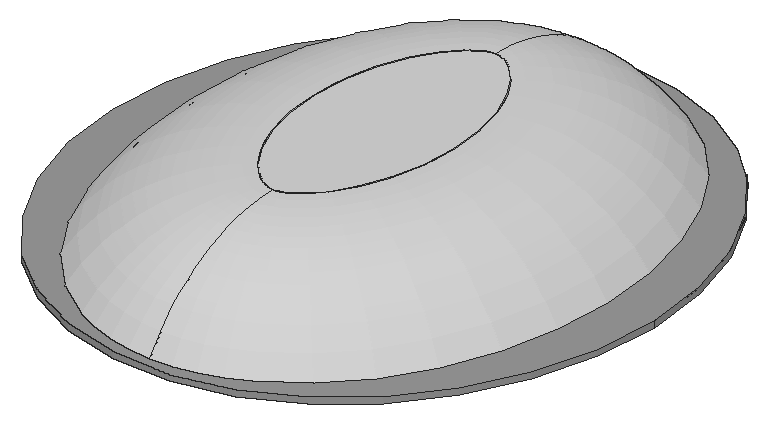
Revit family "4054969 Lighting Fixture_Sylvania_Brio IP65VR LED_Wall Surface", category Lighting Fixtures, host Face, Revit 2017
Family settings
  Host = Face
  Round Connector Dimension = Use Diameter
  Part Type = Normal
  OmniClass Number = 23.80.70.11.17
  OmniClass Title = Specialized Lighting by Location or Use
  Cut with Voids When Loaded = No
  Light Source = Yes
  Shared = No
  Room Calculation Point = No
Parameters (values of type "BRIO IP65VR LED 3000K Emergency")
  Width = 350.0 mm
  Weight = 3.20 kg  # constant formula
  Wattage = 2.50401 W
  built-in parameter 1150110 = 1 (stored number, unit not read)
  Voltage Comments = "UNV (Universal Voltage; 220-240 Volt)"  # constant formula
  Voltage = 230 V  # constant formula
  URL = "https://www.sylvania-lighting.com/"
  built-in parameter 1114217 = 1 (stored number, unit not read)
  Tilt Angle = -90.00°  # constant formula
  built-in parameter 1150109 = 1 (stored number, unit not read)
  built-in parameter 1150134 = (empty or 0)
  built-in parameter 1150113 = 1 (stored number, unit not read)
  Product Page URL = "https://www.sylvania-lighting.com/product/en-int/products/4054969"
  Product Family = "BRIO IP65 Vandal Resistant LED"  # constant formula
  Photometry Comments = ""
  Photometric Web File = "4054969_BRIOIP65VRLED3000K700mABlackEMG-134475.ies"
  built-in parameter 1150105 = 12.414 (stored number, unit not read)
  Lumens = 156 lm
  built-in parameter 1150115 = 1 (stored number, unit not read)
  built-in parameter 1150137 = (empty or 0)
  built-in parameter 1150139 = (empty or 0)
  Life = "50 000h"  # constant formula
  Length = 395.0 mm
  built-in parameter 1150112 = 1 (stored number, unit not read)
  built-in parameter 1150114 = 1 (stored number, unit not read)
  Lamp Comments = "Integrated LED"
  LOR = "44 %"  # constant formula
  built-in parameter 1150132 = 2
  built-in parameter 1150102 = (empty or 0)
  built-in parameter 1150107 = 3000 (stored number, unit not read)
  built-in parameter 1150138 = (empty or 0)
  built-in parameter 1150106 = 0.12414 (stored number, unit not read)
  IK Rating = "IK10"  # constant formula
  built-in parameter 1150104 = 5.7879 (stored number, unit not read)
  Drive Current = "700mA"  # constant formula
  Dimming Lamp Color Temperature Shift = <None>
  Color Filter = 16777215
  Body Material = Aluminum_Sylvania_Brio IP65 LED_Black
  built-in parameter 1114218 = 1 (stored number, unit not read)
  built-in parameter 1150133 = 10 (stored number, unit not read)
  IP Rating = "IP65"  # constant formula
  built-in parameter 1114216 [instance] = 1 (stored number, unit not read)
  Model = "4054969 BRIO IP65VR LED 3000K Emergency"
  Manufacturer = "Feilo-Sylvania Group"
  Lamp = "LED 3000K Emg"
  Diffuser Material = Polycarbonate_Sylvania_Brio IP65 LED_Opal
  Description = "Significant energy savings compared to traditional CFL and 2D fixtures. Excellent flashing provides perfect homogenous light distribution. Unique feature allowing a choice between High Output or High efficiency with the flick of a switch. 50,000 hours life, providing a maintenance free lighting solution. Attractive, tough IK10 impact resistant construction. 104-119mm discrete profile. Aesthetically pleasing designs. IP65 water jet proof. Option to add microwave sensor for maximum energy savings"  # constant formula
  Default Elevation = 0.0 mm
  built-in parameter 1140040 [instance] = 1
  Assembly Code = "D5020200"
  Apparent Load Comments = ""
  Apparent Load = 25 VA
Reference planes
  plane 1 "Center (Front/Back)": y = 0
  plane 2 "Fixture Top": z = 0
  plane 3 "Center (Left/Right)": x = -40
  plane 4 "Fixture Back": y = 197.5
  plane 5 "Fixture Front": y = -197.5
  plane 6 "Diffuser Plane": z = 4
  plane 7 "Light Source Plane": z = 58
  plane 8: z = 56
  plane 9: y = 190
  plane 10: y = -190
  plane 11 "Fixture Left": x = -215
  plane 12 "Fixture Right": x = 135
  plane 13: x = 105
  plane 14: x = -185
  plane 15: y = 90
  plane 16: y = -90
  plane 17: x = 5
  plane 18: x = -85
Forms (mm)
  Sweep 1, solid, material "Polycarbonate_Sylvania_Brio IP65 LED_Opal" <- "Diffuser Material"
    path origin (0, 0, 4) x (-1, 0, 0) y (0, -1, 0)
      loop
        spline (40, -190) -> (77.529, -183.526) -> (112.5, -164.545) -> (142.53, -134.35) -> (165.574, -95) -> (180.059, -49.176) -> (185, 0) -> (180.059, 49.176) -> (165.574, 95) -> (142.53, 134.35) -> (112.5, 164.545) -> (77.529, 183.526) -> (40, 190)
        spline (40, 190) -> (2.471, 183.526) -> (-32.5, 164.545) -> (-62.53, 134.35) -> (-85.574, 95) -> (-100.059, 49.176) -> (-105, 0) -> (-100.059, -49.176) -> (-85.574, -95) -> (-62.53, -134.35) -> (-32.5, -164.545) -> (2.471, -183.526) -> (40, -190)
    profile origin (105, 0, 4) x (1, 0, 0) y (0, 0, 1)
      loop
        arc (-100, 52) -> (-44.706, 38.189) -> (-2.401, 0) r 117.593
        line (-2.401, 0) -> (0, 0)
        arc (0, 0) -> (-43.176, 39.638) -> (-100, 54) r 119.593
        line (-100, 54) -> (-100, 52)
  Extrusion 2, solid, material "Polycarbonate_Sylvania_Brio IP65 LED_Opal" <- "Diffuser Material"
    sketch origin (0, 0, 0) x (1, 0, 0) y (0, 1, 0)
      loop
        spline (-40, 90) -> (-44.405, 89.172) -> (-52.17, 84.793) -> (-63.035, 73.683) -> (-74.062, 54.679) -> (-82.086, 29.141) -> (-85, 0) -> (-82.086, -29.141) -> (-74.062, -54.679) -> (-63.035, -73.683) -> (-52.17, -84.793) -> (-44.405, -89.172) -> (-40, -90)
        spline (-40, -90) -> (-35.595, -89.172) -> (-27.83, -84.793) -> (-16.965, -73.683) -> (-5.938, -54.679) -> (2.086, -29.141) -> (5, 0) -> (2.086, 29.141) -> (-5.938, 54.679) -> (-16.965, 73.683) -> (-27.83, 84.793) -> (-35.595, 89.172) -> (-40, 90)
    from 56 to 58
  Extrusion 3, solid, material "Aluminum_Sylvania_Brio IP65 LED_Black" <- "Body Material"
    sketch origin (0, 0, 0) x (1, 0, 0) y (0, 1, 0)
      loop
        spline (135, 0) -> (129.037, 51.117) -> (111.554, 98.75) -> (83.744, 139.654) -> (47.5, 171.04) -> (5.293, 190.77) -> (-40, 197.5) -> (-85.293, 190.77) -> (-127.5, 171.04) -> (-163.744, 139.654) -> (-191.554, 98.75) -> (-209.037, 51.117) -> (-215, 0)
        spline (-215, 0) -> (-209.037, -51.117) -> (-191.554, -98.75) -> (-163.744, -139.654) -> (-127.5, -171.04) -> (-85.293, -190.77) -> (-40, -197.5) -> (5.293, -190.77) -> (47.5, -171.04) -> (83.744, -139.654) -> (111.554, -98.75) -> (129.037, -51.117) -> (135, 0)
    from 0 to 4
Lines and regions (mm)
  model lines
    curve 1: line (-85, 0, 58) -> (5, 0, 58)
    curve 2: line (5, 0, 58) -> (-85, 0, 58)
Dimensions and locks
  equal spacing: plane 4 "Fixture Back", plane 1 "Center (Front/Back)", plane 5 "Fixture Front"
  "Length": plane 4 "Fixture Back" to plane 5 "Fixture Front"
  locked: plane 6 "Diffuser Plane" to plane 2 "Fixture Top" at 4
  locked: plane 8 to plane 6 "Diffuser Plane" at 52
  locked: plane 7 "Light Source Plane" to plane 8 at 2
  locked: plane 4 "Fixture Back" to plane 9 at 7.5
  locked: plane 10 to plane 5 "Fixture Front" at 7.5
  equal spacing: plane 11 "Fixture Left", plane 3 "Center (Left/Right)", plane 12 "Fixture Right"
  "Width": plane 11 "Fixture Left" to plane 12 "Fixture Right"
  locked: plane 13 to plane 12 "Fixture Right" at 30
  locked: plane 11 "Fixture Left" to plane 14 at 30
  locked: plane 11 "Fixture Left" to plane 18 at 130
  locked: plane 4 "Fixture Back" to plane 15 at 107.5
  locked: plane 16 to plane 5 "Fixture Front" at 107.5
  locked: plane 17 to plane 12 "Fixture Right" at 130
  aligned and locked: host face to plane 2 "Fixture Top"
  aligned and locked: host face to level
  aligned and locked: Extrusion 2 to plane 8
  aligned and locked: Extrusion 3 to plane 2 "Fixture Top"
  aligned and locked: plane 6 "Diffuser Plane" to Extrusion 3
  aligned and locked: plane 3 "Center (Left/Right)" to Sweep 1 sketch curve  (x2)
  aligned and locked: plane 9 to Sweep 1 sketch curve
  aligned and locked: plane 3 "Center (Left/Right)" to Extrusion 2 sketch curve  (x2)
  aligned and locked: plane 15 to Extrusion 2 sketch curve
  aligned and locked: plane 16 to Extrusion 2 sketch curve
  aligned and locked: imposter light to plane 3 "Center (Left/Right)"
  aligned and locked: imposter light to plane 1 "Center (Front/Back)"
  aligned and locked: plane 7 "Light Source Plane" to imposter light
Automatic sketch dimensions
  host sketch curve to host sketch curve = 1004.319 mm
  host sketch curve to host sketch curve = 1058.005 mm
  plane 1 "Center (Front/Back)" to curve 1 = 0.0 mm
  plane 1 "Center (Front/Back)" to curve 2 = 0.0 mm
  plane 3 "Center (Left/Right)" to curve 1 = 45.0 mm
  curve 2 to curve 1 = 0.0 mm
  curve 2 to plane 3 "Center (Left/Right)" = 45.0 mm
  curve 1 to curve 2 = 0.0 mm
  Sweep 1 sketch curve to Sweep 1 sketch curve = 0.0 mm  (x2)
  Sweep 1 sketch curve to plane 6 "Diffuser Plane" = 0.0 mm
  profile plane to Sweep 1 sketch curve = 0.0 mm
  plane 6 "Diffuser Plane" to Sweep 1 sketch curve = 52.0 mm
  Sweep 1 sketch curve to Sweep 1 sketch curve = 2.401 mm
  profile plane to Sweep 1 sketch curve = 100.0 mm
  plane 1 "Center (Front/Back)" to Sweep 1 sketch curve = 0.0 mm
  Sweep 1 sketch curve to plane 13 = 0.0 mm
  Sweep 1 sketch curve to plane 14 = 0.0 mm
  Extrusion 2 sketch curve to plane 3 "Center (Left/Right)" = 0.0 mm
  plane 16 to Extrusion 2 sketch curve = 0.0 mm
  Extrusion 2 sketch curve to plane 15 = 0.0 mm
  plane 1 "Center (Front/Back)" to Extrusion 3 sketch curve = 0.0 mm
  Extrusion 3 sketch curve to plane 3 "Center (Left/Right)" = 0.0 mm
  Extrusion 3 sketch curve to plane 12 "Fixture Right" = 0.0 mm
Connectors
  electrical at (-40, 0, 0), driven by "Voltage", driven by "Apparent Load"
    settings: on Extrusion 3, index 1, voltage 230 V, apparent load 0 VA, apparent load phase1 25 VA, apparent load phase2 0 VA, apparent load phase3 0 VA, power factor 1, load classification "Lighting", number of poles 1, system type 31, power factor state 1, is connector primary yes, connector utility no, sub classification motor no, connector description ""
